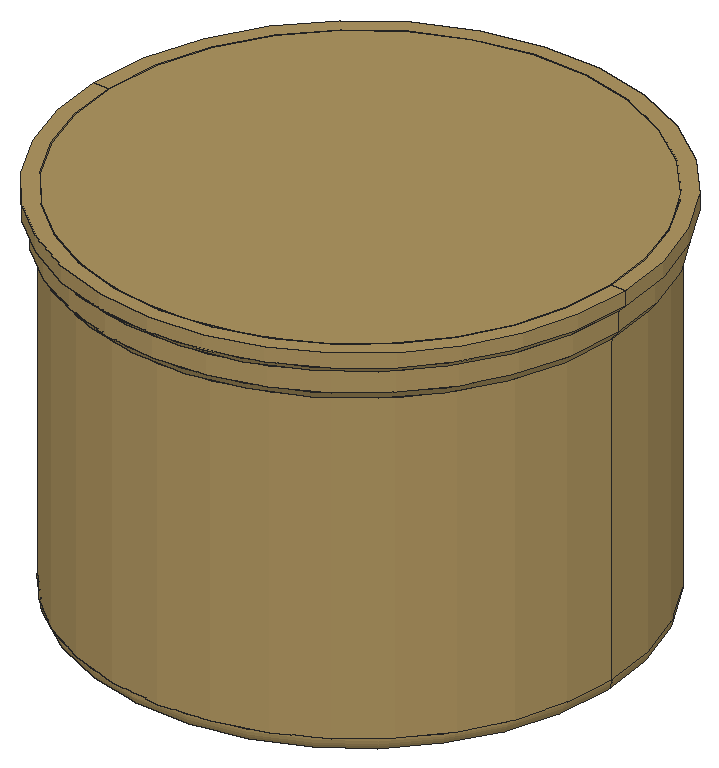
Revit family
Parameters (values of type "2" Butt-Weld")
  Weight (lb) = 0
  Warranty = "1 year material and workmanship"  # constant formula
  Unit Material = Brass Satin
  URL = "http://www.jrsmith.com"
  Threaded = yes
  Technical and Installation = "http://www.jrsmith.com/products/spec/spec_tech.htm"
  SmartBIM Object Version = 3  # constant formula
  SmartBIM Object Created By = "Reed Construction Data"  # constant formula
  Schedule 40 Butt Weld = yes
  Product URL = "http://www.jrsmith.com/products/spec/submittal/d9760.pdf\r\nhttp://www.jrsmith.com/products/spec/submittal/d9760.pdf\r\n"
  OmniClass Title = "Sanitary Drains"  # constant formula
  OmniClass Code = "22-22 13 19 13"  # constant formula
  Model = "9760"  # constant formula
  Max. Static Load = ""
  Manufacturer = "Jay R. Smith Mfg. Co. "  # constant formula
  Free Area(Sq In) = ""
  Flow Rate = ""
  Description = "CF8 rough finish stainless steel body and cover with gasket\r\n"  # constant formula
  Default Elevation = 4' - 0"
  Cover Material = Brass Satin With Hatching
  Caulk = yes
  Capacity = ""
  C = 0' - 3"
  B Dia = 0' - 4 1/2"
  Assembly Code = "D2030300"
  Action = ""
  A Radius = A / 2  # 0' - 1"
  A = 0' - 2"
  95 CSI = "15155"  # constant formula
  04 CSI = "22 13 19"  # constant formula
Types (7): name | Threaded | Product URL | Caulk | C | B Dia | A Radius | A
  (no name) | yes | "http://www.jrsmith.com/products/spec/submittal/d9760.pdf\r\nhttp://www.jrsmith.com/products/spec/submittal/d9760.pdf\r\n" | yes | 0' - 3" | 0' - 4 1/2" | 0' - 1" | 0' - 2"
  2" Caulk & Thread | yes | "http://www.jrsmith.com/products/spec/submittal/d9760.pdf\r\nhttp://www.jrsmith.com/products/spec/submittal/d9760.pdf\r\n" | yes | 0' - 3" | 0' - 4 1/2" | 0' - 1" | 0' - 2"
  3" Caulk & Thread | no | "http://www.jrsmith.com/products/spec/submittal/d9760.pdf\r\n" | no | 0' - 3" | 0' - 5 1/2" | 0' - 1 1/2" | 0' - 3"
  4" Caulk & Thread | yes | "http://www.jrsmith.com/products/spec/submittal/d9760.pdf\r\n" | no | 0' - 3 1/4" | 0' - 7 1/2" | 0' - 2" | 0' - 4"
  2" Butt-Weld | yes | "http://www.jrsmith.com/products/spec/submittal/d9760.pdf\r\nhttp://www.jrsmith.com/products/spec/submittal/d9760.pdf\r\n" | yes | 0' - 3" | 0' - 4 1/2" | 0' - 1" | 0' - 2"
  3" Butt-Weld | no | "http://www.jrsmith.com/products/spec/submittal/d9760.pdf\r\n" | no | 0' - 3" | 0' - 4 1/2" | 0' - 1 1/2" | 0' - 3"
  4" Butt-Weld | yes | "http://www.jrsmith.com/products/spec/submittal/d9760.pdf\r\n" | no | 0' - 3 1/4" | 0' - 5 1/2" | 0' - 2" | 0' - 4"
Reference planes (in)
  plane 1 "Center (Front/Back)": y = 0
  plane 2: z = 0
  plane 3 "Center (Left/Right)": x = 0
  plane 4: z = 0.11559
  plane 5: x = -2.25
  plane 6: x = 2.25
  plane 7: x = -2.01115
  plane 8: x = -1
  plane 9: z = -3
Forms (in)
  Revolve 1, solid, material "Brass Satin" <- "Unit Material"
    sketch origin (0, 0, 0) x (1, 0, 0) y (0, 0, 1)
      loop
        line (-2.25, 0) -> (-2.19344, -0.05656) -> (-2.19344, -0.21874) -> (-2.13615, -0.29035) -> (-2.13615, -2.875)
        arc (-2.13615, -2.875) -> (-2.09954, -2.96339) -> (-2.01115, -3) r 0.125
        line (-2.01115, -3) -> (-1, -3) -> (-1, -2.875) -> (-2.01115, -2.875) -> (-2.01115, -0.24651) -> (-2.06844, -0.17489) -> (-2.06844, -0.00478) -> (-2.125, 0.05178) -> (-2.125, 0.11559) -> (-2.25, 0.11559) -> (-2.25, 0)
      axis (0, -3) -> (0, 0.11559)
    angle from 0 to 360
  Extrusion 2, solid, material "Brass Satin With Hatching" <- "Cover Material"
    sketch origin (0, 0, 0) x (1, 0, 0) y (0, 1, 0)
      loop
        circle (0, 0) r 2.125
    from 0 to 0.11559
Dimensions and locks (in)
  equal spacing: plane 5, plane 3 "Center (Left/Right)", plane 6
  "B Dia": plane 6 to plane 5
  plane 5 to Revolve 1 sketch curve to Revolve 1 sketch curve to Revolve 1 sketch curve to Revolve 1 sketch curve to Revolve 1 sketch curve = 0' - 0.05656" locked, 0' - 0.05729" locked, 0' - 0.01115" locked, 0' - 0.05656" locked, 0' - 0.05729" locked
  "A Radius": plane 3 "Center (Left/Right)" to plane 8
  Revolve 1 sketch curve to level = 0' - 2 7/8"
  locked: Revolve 1 sketch curve to plane 9 at 0.125  (x2)
  "C": level to plane 9
  locked: plane 4 to level at 0.11559
  locked: plane 5 to Revolve 1 sketch curve at 0.23885
  aligned and locked: plane 5 to Revolve 1 sketch curve
  aligned and locked: plane 8 to Revolve 1 sketch curve
  aligned and locked: Extrusion 2 sketch curve to Revolve 1  (x2)
  aligned and locked: Revolve 1 to Extrusion 2
  aligned and locked: plane 4 to Extrusion 2
  aligned and locked: Revolve 1 sketch curve to plane 9
Automatic sketch dimensions
  Revolve 1 sketch curve to plane 3 "Center (Left/Right)" = 0' - 0"
  Revolve 1 sketch curve to level = 0' - 0"
  Revolve 1 sketch curve to plane 4 = 0' - 0"
  plane 9 to Revolve 1 sketch curve = 0' - 0.37572"
  Revolve 1 sketch curve to Revolve 1 sketch curve = 0' - 1 1/4"
  Revolve 1 sketch curve to level = 0' - 0.29035"
  Revolve 1 sketch curve to Revolve 1 sketch curve = 0' - 0.04385"
  Revolve 1 sketch curve to Revolve 1 sketch curve = 0' - 0.07162"  (x2)
  Revolve 1 sketch curve to level = 0' - 0.05656"
  Revolve 1 sketch curve to level = 0' - 0.00478"
  level to Revolve 1 sketch curve = 0' - 0.05178"
Connectors (in)
  piping at (0, 0, -3), driven by "A Radius"
    settings: on Revolve 1, index 1
